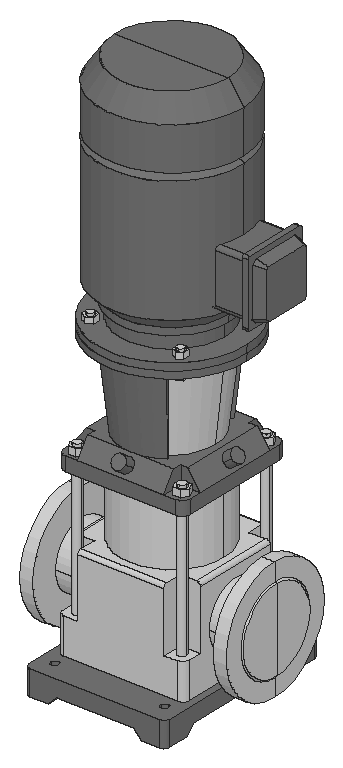
Revit family "TESK_Насос вертикальный_SVM(T)-90", category Оборудование, Revit 2019 (continued)
Types in the file's own list only (24): name | Толщина_ФланцаДвигателя | Напор максимальный | Материал_КорпусУлитка | Высота_Башня | Высота_Корпуса | D_Башня | ADSK_Полная мощность | ADSK_Номинальная мощность | ADSK_Напряжение | ADSK_Наименование | ADSK_Масса_Текст | ADSK_Масса | ADSK_Марка | ADSK_Код изделия | ADSK_Диаметр условный | Фланец_Толщина | УГО_Длина | Двигатель_Ширина | Двигатель_ОтступКоробки | Двигатель_Высота
  SVM 90-6 45kW 3x380V 50Hz IE3 | 22 мм | 168 | TESK_Нержавеющая сталь | 380 мм | 1141 мм | 345 мм | 45 кВ·А | 45 кВт | 400 В | "Вертикальный многоступенчатый центробежный насос SVM, DN100, PN16, Hmax=168м (3x380V 50Hz IE3)" | "407" | 407 | "SVM 90-6 45kW 3x380V 50Hz IE3" | "7790-60-003380NSSF" | 100 мм | 26 мм | 380 мм | 460 мм | 340 мм | 740 мм
  SVMT 90-1-1 5.5kW 3x380V 50Hz IE3 | 13 мм | 22 | TESK_Черный_Условный | 200 мм | 571 мм | 195 мм | 6 кВ·А | 6 кВт | 400 В | "Вертикальный многоступенчатый центробежный насос SVMT, DN100, PN16, Hmax=22м (3x380V 50Hz IE3)" | "105" | 105 | "SVMT 90-1-1 5.5kW 3x380V 50Hz IE3" | "7790-10-10003380N" | 100 мм | 26 мм | 380 мм | 260 мм | 208 мм | 435 мм
  SVMT 90-1 7.5kW 3x380V 50Hz IE3 | 13 мм | 25 | TESK_Черный_Условный | 200 мм | 571 мм | 195 мм | 8 кВ·А | 8 кВт | 400 В | "Вертикальный многоступенчатый центробежный насос SVMT, DN100, PN16, Hmax=25м (3x380V 50Hz IE3)" | "110" | 110 | "SVMT 90-1 7.5kW 3x380V 50Hz IE3" | "7790-100003380N" | 100 мм | 26 мм | 380 мм | 260 мм | 208 мм | 435 мм
  SVMT 90-2-2 11kW 3x380V 50Hz IE3 | 17 мм | 41 | TESK_Черный_Условный | 240 мм | 773 мм | 263 мм | 11 кВ·А | 11 кВт | 400 В | "Вертикальный многоступенчатый центробежный насос SVMT, DN100, PN16, Hmax=41м (3x380V 50Hz IE3)" | "181" | 181 | "SVMT 90-2-2 11kW 3x380V 50Hz IE3" | "7790-2-20003380N" | 100 мм | 26 мм | 380 мм | 350 мм | 260 мм | 580 мм
  SVMT 90-2 15kW 3x380V 50Hz IE3 | 17 мм | 53 | TESK_Черный_Условный | 240 мм | 773 мм | 263 мм | 15 кВ·А | 15 кВт | 400 В | "Вертикальный многоступенчатый центробежный насос SVMT, DN100, PN16, Hmax=53м (3x380V 50Hz IE3)" | "192" | 192 | "SVMT 90-2 15kW 3x380V 50Hz IE3" | "7790-200003380N" | 100 мм | 26 мм | 380 мм | 350 мм | 260 мм | 580 мм
  SVMT 90-3-2 18.5kW 3x380V 50Hz IE3 | 18 мм | 68 | TESK_Черный_Условный | 300 мм | 865 мм | 263 мм | 19 кВ·А | 19 кВт | 400 В | "Вертикальный многоступенчатый центробежный насос SVMT, DN100, PN16, Hmax=68м (3x380V 50Hz IE3)" | "215" | 215 | "SVMT 90-3-2 18.5kW 3x380V 50Hz IE3" | "7790-30-20003380N" | 100 мм | 26 мм | 380 мм | 350 мм | 260 мм | 610 мм
  SVMT 90-3 22kW 3x380V 50Hz IE3 | 19 мм | 81 | TESK_Черный_Условный | 300 мм | 865 мм | 270 мм | 22 кВ·А | 22 кВт | 400 В | "Вертикальный многоступенчатый центробежный насос SVMT, DN100, PN16, Hmax=81м (3x380V 50Hz IE3)" | "252" | 252 | "SVMT 90-3 22kW 3x380V 50Hz IE3" | "7790-300003380N" | 100 мм | 26 мм | 380 мм | 360 мм | 285 мм | 645 мм
  SVMT 90-4-2 30kW 3x380V 50Hz IE3 | 21 мм | 98 | TESK_Черный_Условный | 320 мм | 957 мм | 300 мм | 30 кВ·А | 30 кВт | 400 В | "Вертикальный многоступенчатый центробежный насос SVMT, DN100, PN16, Hmax=98м (3x380V 50Hz IE3)" | "312" | 312 | "SVMT 90-4-2 30kW 3x380V 50Hz IE3" | "7790-40-20003380N" | 100 мм | 26 мм | 380 мм | 400 мм | 310 мм | 705 мм
  SVMT 90-4 30kW 3x380V 50Hz IE3 | 21 мм | 110 | TESK_Черный_Условный | 320 мм | 957 мм | 300 мм | 30 кВ·А | 30 кВт | 400 В | "Вертикальный многоступенчатый центробежный насос SVMT, DN100, PN16, Hmax=110м (3x380V 50Hz IE3)" | "312" | 312 | "SVMT 90-4 30kW 3x380V 50Hz IE3" | "7790-40003380N" | 100 мм | 26 мм | 380 мм | 400 мм | 310 мм | 705 мм
  SVMT 90-5-2 37kW 3x380V 50Hz IE3 | 21 мм | 126 | TESK_Черный_Условный | 340 мм | 1049 мм | 300 мм | 37 кВ·А | 37 кВт | 400 В | "Вертикальный многоступенчатый центробежный насос SVMT, DN100, PN16, Hmax=126м (3x380V 50Hz IE3)" | "336" | 336 | "SVMT 90-5-2 37kW 3x380V 50Hz IE3" | "7790-50-20003380N" | 100 мм | 26 мм | 380 мм | 400 мм | 310 мм | 705 мм
  SVMT 90-5 37kW 3x380V 50Hz IE3 | 21 мм | 139 | TESK_Черный_Условный | 340 мм | 1049 мм | 300 мм | 37 кВ·А | 37 кВт | 400 В | "Вертикальный многоступенчатый центробежный насос SVMT, DN100, PN16, Hmax=139м (3x380V 50Hz IE3)" | "336" | 336 | "SVMT 90-5 37kW 3x380V 50Hz IE3" | "7790-500003380N" | 100 мм | 26 мм | 380 мм | 400 мм | 310 мм | 705 мм
  SVMT 90-6-2 45kW 3x380V 50Hz IE3 | 22 мм | 155 | TESK_Черный_Условный | 380 мм | 1141 мм | 345 мм | 45 кВ·А | 45 кВт | 400 В | "Вертикальный многоступенчатый центробежный насос SVMT, DN100, PN16, Hmax=155м (3x380V 50Hz IE3)" | "407" | 407 | "SVMT 90-6-2 45kW 3x380V 50Hz IE3" | "7790-60-20003380N" | 100 мм | 26 мм | 380 мм | 460 мм | 340 мм | 740 мм
  SVMT 90-6 45kW 3x380V 50Hz IE3 | 22 мм | 168 | TESK_Черный_Условный | 380 мм | 1141 мм | 345 мм | 45 кВ·А | 45 кВт | 400 В | "Вертикальный многоступенчатый центробежный насос SVMT, DN100, PN16, Hmax=168м (3x380V 50Hz IE3)" | "407" | 407 | "SVMT 90-6 45kW 3x380V 50Hz IE3" | "7790-600003380N" | 100 мм | 26 мм | 380 мм | 460 мм | 340 мм | 740 мм
